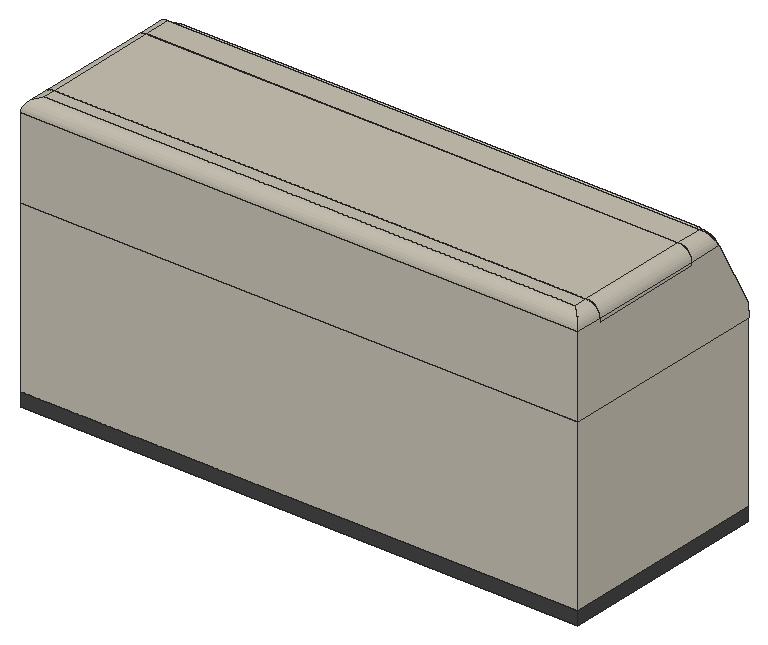
Revit family "Mechanical_Equipment-GE-Zoneline_PTAC-AirConditioner-AZ45", category Mechanical Equipment, host Face, Revit 2018
Family settings
  Host = Face
  Round Connector Dimension = Use Diameter
  Classification = None
  Part Type = Normal
  OmniClass Number = 23.75.70.21.24
  OmniClass Title = Air Terminal Units
  Cut with Voids When Loaded = No
  Shared = No
  Room Calculation Point = No
Parameters
  Width = 3' - 6"  # constant formula
  Warranty URL = "https://www.geappliances.com/ge/zoneline/warranty.htm"
  Wall Offset [instance] = 0' - 0"
  Voltage = 0 V
  Version = "2018 v.1.0a"  # constant formula
  URL = "https://www.geappliances.com/ge/zoneline.htm"
  Product Page URL = "https://www.geappliances.com/ge/zoneline.htm"
  Product Name = "GE Zoneline® Packaged Terminal Air Conditioner (PTAC)"  # constant formula
  Power Factor = 1
  Phase = 1
  Outside Grill Material = Plastic - GE - Black
  Number of Poles = 1
  Model = "Not a Type - Load Type Catalog"
  Manufacturer Phone Number = "1-800-626-2005"  # constant formula
  Manufacturer Email = ""
  Manufacturer Address = "106 Appliance Park - AP4 Room 106, Louisville, KY 40225"  # constant formula
  Manufacturer = "GE Appliances"  # constant formula
  Keynote = "23 30 00"
  Housing Material = Plastic - GE - Gray
  Height = 1' - 4"  # constant formula
  Frequency = 60 Hz
  Description = "Cooling and Electric Heat"  # constant formula
  Default Elevation = 4' - 0"
  Copyright = "Copyright © 2021 GE Appliances, a Haier company GE is a trademark of the General Electric Company. Manufactured under trademark license."  # constant formula
  Assembly Code = "D3040100"
  Apparent Load = 0 VA
Reference planes (in)
  plane 1 "Center (Front/Back)": y = 0
  plane 2: z = 0
  plane 3 "Center (Left/Right)": x = 0
  plane 4: x = -21
  plane 5: x = 21
  plane 6: y = 8
  plane 7: y = -8
  plane 8: z = 7.0625
  plane 9: z = -13.75
  plane 10: y = 4.65625
  plane 11: z = 1.03125
  plane 12: y = -6
  plane 13: y = 2.65625
  plane 14: z = 5.8125
  plane 15 "Wall Offset": z = 0
  plane 16: z = -12.75
Forms (in)
  Extrusion 1, solid, material "Plastic - GE - Gray" <- "Housing Material"
    sketch origin (0, 0, 0) x (1, 0, 0) y (0, 0, 1)
      loop
        arc (-20, 7.0625) -> (-20.70711, 6.76961) -> (-21, 6.0625) r 1
        line (-21, 6.0625) -> (-21, 0) -> (21, 0) -> (21, 6.0625)
        arc (21, 6.0625) -> (20.70711, 6.76961) -> (20, 7.0625) r 1
        line (20, 7.0625) -> (-20, 7.0625)
    from -8 to 8
  Extrusion 2, void
    sketch origin (0, 0, 0) x (0, 1, 0) y (0, 0, 1)
      loop
        line (4.65625, 10.47101) -> (4.65625, 7.0625) -> (8, 1.03125) -> (11.18211, 1.03125) -> (11.18211, 10.47101) -> (4.65625, 10.47101)
    from -25.3045 to 26.17737
  Extrusion 3, void
    sketch origin (0, 0, 0) x (0, 1, 0) y (0, 0, 1)
      loop
        line (-8.98656, 7.70959) -> (-8.98656, 6.0625) -> (-8, 6.0625)
        arc (-8, 6.0625) -> (-7.70711, 6.76961) -> (-7, 7.0625) r 1
        line (-7, 7.0625) -> (-7, 7.70959) -> (-8.98656, 7.70959)
    from -23.35478 to 32.8228
  Extrusion 4, solid, material "Plastic - GE - Gray" <- "Housing Material"
    sketch origin (0, 4.65625, 7.0625) x (0, 0.484873, -0.874584) y (-1, 0, 0)
      loop
        line (1.5, -20.5) -> (5.39613, -20.5)
        arc (5.39613, -20.5) -> (6.10324, -20.20711) -> (6.39613, -19.5) r 1
        line (6.39613, -19.5) -> (6.39613, 19.5)
        arc (6.39613, 19.5) -> (6.10324, 20.20711) -> (5.39613, 20.5) r 1
        line (5.39613, 20.5) -> (1.5, 20.5)
        arc (1.5, 20.5) -> (0.79289, 20.20711) -> (0.5, 19.5) r 1
        line (0.5, 19.5) -> (0.5, -19.5)
        arc (0.5, -19.5) -> (0.79289, -20.20711) -> (1.5, -20.5) r 1
    from 0 to 0.34289
  Extrusion 5, void
    sketch origin (0, 0, 0) x (1, 0, 0) y (0, 1, 0)
      loop
        line (-23.43851, 2.65625) -> (-23.43851, -6) -> (25.81619, -6) -> (25.81619, 2.65625) -> (-23.43851, 2.65625)
    from 5.8125 to 8.54486
  Extrusion 6, solid, material "Plastic - GE - Grill"
    sketch origin (0, 0, 0) x (1, 0, 0) y (0, 0, 1)
      loop
        line (21, 5.8125) -> (21, 6.0625)
        arc (21, 6.0625) -> (20.70711, 6.76961) -> (20, 7.0625) r 1
        line (20, 7.0625) -> (-20, 7.0625)
        arc (-20, 7.0625) -> (-20.70711, 6.76961) -> (-21, 6.0625) r 1
        line (-21, 6.0625) -> (-21, 5.8125) -> (21, 5.8125)
    from -2.65625 to 6
  Extrusion 7, solid, material "Plastic - GE - Gray" <- "Housing Material"
    sketch origin (0, 0, 0) x (1, 0, 0) y (0, 1, 0)
      loop
        line (-21, 8) -> (-21, -8) -> (21, -8) -> (21, 8) -> (-21, 8)
    from -12.75 to 0
  Extrusion 8, solid, material "Plastic - GE - Black" <- "Outside Grill Material"
    sketch origin (0, 0, 0) x (1, 0, 0) y (0, 1, 0)
      loop
        line (-21, 8) -> (-21, -8) -> (21, -8) -> (21, 8) -> (-21, 8)
      loop
        line (20, -7) -> (20, 7) -> (-20, 7) -> (-20, -7) -> (20, -7)
    from -13.75 to -12.75
  Extrusion 9, solid, material "Plastic - GE - Grill"
    sketch origin (0, 0, 0) x (1, 0, 0) y (0, 1, 0)
      loop
        line (-20, 7) -> (-20, -7) -> (20, -7) -> (20, 7) -> (-20, 7)
    from -13.75 to -12.75
Cuts and joins
  Extrusion 2, Extrusion 3, Extrusion 5 cuts Extrusion 1
Lines and regions (in)
  model lines
    curve 1: line (19.79935, 6.02534, 5.3002) -> (19.79935, 7.1163, 3.33239)
    curve 2: line (11.65785, 5.54046, 6.17479) -> (18.79935, 5.54046, 6.17479)
    curve 3: line (10.65785, 7.1163, 3.33239) -> (10.65785, 6.02534, 5.3002)
    curve 4: line (18.79935, 7.60118, 2.4578) -> (11.65785, 7.60118, 2.4578)
    curve 5: arc (18.79935, 5.54046, 6.17479) -> (19.50645, 5.68248, 5.91863) -> (19.79935, 6.02534, 5.3002) r 1
    curve 6: arc (11.65785, 5.54046, 6.17479) -> (10.95074, 5.68248, 5.91863) -> (10.65785, 6.02534, 5.3002) r 1
    curve 7: arc (11.65785, 7.60118, 2.4578) -> (10.95074, 7.45916, 2.71396) -> (10.65785, 7.1163, 3.33239) r 1
    curve 8: arc (18.79935, 7.60118, 2.4578) -> (19.50645, 7.45916, 2.71396) -> (19.79935, 7.1163, 3.33239) r 1
    curve 9: line (18.78731, 5.96383, 5.41114) -> (18.78731, 6.32749, 4.75521)
    curve 10: line (17.28731, 5.96383, 5.41114) -> (18.78731, 5.96383, 5.41114)
    curve 11: line (17.28731, 6.32749, 4.75521) -> (17.28731, 5.96383, 5.41114)
    curve 12: line (18.78731, 6.32749, 4.75521) -> (17.28731, 6.32749, 4.75521)
    curve 13: line (15.73071, 5.96383, 5.41114) -> (15.73071, 6.32749, 4.75521)
    curve 14: line (14.50316, 5.96383, 5.41114) -> (15.73071, 5.96383, 5.41114)
    curve 15: line (14.50316, 6.32749, 4.75521) -> (14.50316, 5.96383, 5.41114)
    curve 16: line (15.73071, 6.32749, 4.75521) -> (14.50316, 6.32749, 4.75521)
    curve 17: line (13.46049, 5.96383, 5.41114) -> (13.46049, 6.32749, 4.75521)
    curve 18: line (12.40785, 5.96383, 5.41114) -> (13.46049, 5.96383, 5.41114)
    curve 19: line (12.40785, 6.32749, 4.75521) -> (12.40785, 5.96383, 5.41114)
    curve 20: line (13.46049, 6.32749, 4.75521) -> (12.40785, 6.32749, 4.75521)
    curve 21: line (15.73071, 6.63027, 4.20906) -> (15.73071, 6.97425, 3.58861)
    curve 22: line (14.50316, 6.63027, 4.20906) -> (15.73071, 6.63027, 4.20906)
    curve 23: line (14.50316, 6.97425, 3.58861) -> (14.50316, 6.63027, 4.20906)
    curve 24: line (15.73071, 6.97425, 3.58861) -> (14.50316, 6.97425, 3.58861)
    curve 25: line (13.46049, 6.63027, 4.20906) -> (13.46049, 6.97425, 3.58861)
    curve 26: line (12.40785, 6.63027, 4.20906) -> (13.46049, 6.63027, 4.20906)
    curve 27: line (12.40785, 6.97425, 3.58861) -> (12.40785, 6.63027, 4.20906)
    curve 28: line (13.46049, 6.97425, 3.58861) -> (12.40785, 6.97425, 3.58861)
    curve 29: line (9.98671, 5.7829, 5.73749) -> (9.98671, 7.35874, 2.8951)
    curve 30: line (-18.88488, 5.54046, 6.17479) -> (9.48671, 5.54046, 6.17479)
    curve 31: line (-19.38488, 7.35874, 2.8951) -> (-19.38488, 5.7829, 5.73749)
    curve 32: line (9.48671, 7.60118, 2.4578) -> (-18.88488, 7.60118, 2.4578)
    curve 33: arc (-18.88488, 5.54046, 6.17479) -> (-19.23844, 5.61147, 6.04671) -> (-19.38488, 5.7829, 5.73749) r 0.5
    curve 34: arc (-19.38488, 7.35874, 2.8951) -> (-19.23844, 7.53017, 2.58588) -> (-18.88488, 7.60118, 2.4578) r 0.5
    curve 35: arc (9.48671, 7.60118, 2.4578) -> (9.84026, 7.53017, 2.58588) -> (9.98671, 7.35874, 2.8951) r 0.5
    curve 36: arc (9.98671, 5.7829, 5.73749) -> (9.84026, 5.61147, 6.04671) -> (9.48671, 5.54046, 6.17479) r 0.5
    curve 37: line (9.98671, 5.7829, 5.73749) -> (-19.38488, 5.7829, 5.73749)
    curve 38: line (9.98671, 5.90412, 5.51885) -> (-19.38488, 5.90412, 5.51885)
    curve 39: line (9.98671, 6.14656, 5.08156) -> (-19.38488, 6.14656, 5.08156)
    curve 40: line (9.98671, 6.26777, 4.86291) -> (-19.38488, 6.26777, 4.86291)
    curve 41: line (9.98671, 6.51021, 4.42562) -> (-19.38488, 6.51021, 4.42562)
    curve 42: line (9.98671, 6.63143, 4.20697) -> (-19.38488, 6.63143, 4.20697)
    curve 43: line (9.98671, 6.87387, 3.76968) -> (-19.38488, 6.87387, 3.76968)
    curve 44: line (9.98671, 6.99508, 3.55103) -> (-19.38488, 6.99508, 3.55103)
    curve 45: line (9.98671, 7.23752, 3.11374) -> (-19.38488, 7.23752, 3.11374)
    curve 46: line (9.98671, 7.35874, 2.8951) -> (-19.38488, 7.35874, 2.8951)
Dimensions and locks (in)
  equal spacing: plane 4, plane 3 "Center (Left/Right)", plane 5
  "Width": plane 4 to plane 5
  equal spacing: plane 7, plane 1 "Center (Front/Back)", plane 6
  "Height": plane 7 to plane 6
  locked: plane 10 to plane 6 at 3.34375
  locked: plane 11 to plane 8 at 6.03125
  Extrusion 3 sketch curve to plane 7 to Extrusion 3 sketch curve = 0' - 0.98656" locked, 0' - 1" locked
  Extrusion 3 sketch curve to plane 8 to Extrusion 3 sketch curve = 0' - 0.64709" locked, 0' - 1" locked
  locked: plane 7 to Extrusion 3 sketch curve at 1
  locked: plane 8 to Extrusion 3 sketch curve at 1
  locked: plane 4 to Extrusion 4 sketch curve at 0.5
  locked: Extrusion 4 sketch curve to plane 5 at 0.5
  locked: plane 7 to plane 12 at 2
  locked: plane 10 to plane 13 at 2
  locked: plane 8 to plane 14 at 1.25
  "Wall Offset": plane 15 "Wall Offset" to level
  plane 11 to plane 15 "Wall Offset" = 0' - 1 1/32"
  locked: plane 8 to plane 15 "Wall Offset" at 7.0625
  locked: plane 15 "Wall Offset" to plane 9 at 13.75
  locked: Extrusion 8 sketch curve to plane 5 at 1
  locked: plane 6 to Extrusion 8 sketch curve at 1
  locked: plane 7 to Extrusion 8 sketch curve at 1
  locked: plane 4 to Extrusion 8 sketch curve at 1
  locked: plane 16 to plane 9 at 1
  locked: Extrusion 9 sketch curve to plane 5 at 1
  locked: plane 6 to Extrusion 9 sketch curve at 1
  locked: plane 7 to Extrusion 9 sketch curve at 1
  locked: plane 4 to Extrusion 9 sketch curve at 1
  aligned and locked: plane 2 to host face
  aligned and locked: level to host face
  aligned and locked: plane 5 to Extrusion 1 sketch curve
  aligned and locked: plane 4 to Extrusion 1 sketch curve
  aligned and locked: Extrusion 1 sketch curve to plane 8
  aligned and locked: plane 10 to Extrusion 2 sketch curve
  aligned and locked: Extrusion 2 sketch curve to plane 11
  aligned and locked: Extrusion 5 sketch curve to plane 13
  aligned and locked: plane 12 to Extrusion 5 sketch curve
  aligned and locked: Extrusion 5 to plane 14
  aligned and locked: Extrusion 6 sketch curve to plane 14
  aligned and locked: Extrusion 6 sketch curve to plane 4
  aligned and locked: plane 8 to Extrusion 6 sketch curve
  aligned and locked: Extrusion 6 sketch curve to plane 5
  aligned and locked: Extrusion 6 to plane 12
  aligned and locked: plane 13 to Extrusion 6
  aligned and locked: plane 5 to Extrusion 7 sketch curve
  aligned and locked: Extrusion 7 sketch curve to plane 6
  aligned and locked: plane 4 to Extrusion 7 sketch curve
  aligned and locked: Extrusion 7 sketch curve to plane 7
  aligned and locked: Extrusion 1 to plane 15 "Wall Offset"
  aligned and locked: plane 15 "Wall Offset" to Extrusion 7
  aligned and locked: plane 5 to Extrusion 8 sketch curve
  aligned and locked: Extrusion 8 sketch curve to plane 6
  aligned and locked: plane 4 to Extrusion 8 sketch curve
  aligned and locked: Extrusion 8 sketch curve to plane 7
  aligned and locked: plane 16 to Extrusion 8
  aligned and locked: Extrusion 8 to plane 9
  aligned and locked: Extrusion 7 to plane 16
  aligned and locked: plane 16 to Extrusion 9
  aligned and locked: Extrusion 9 to plane 9
Automatic sketch dimensions
  host sketch curve to host sketch curve = 8' - 0"  (x2)
  plane 4 to Extrusion 1 sketch curve = 0' - 1"
  plane 5 to Extrusion 1 sketch curve = 0' - 1"
  Extrusion 3 sketch curve to plane 8 = 0' - 0"
  Extrusion 2 sketch curve to plane 6 = 0' - 0"
  Extrusion 2 sketch curve to plane 8 = 0' - 0"
  plane 6 to Extrusion 2 sketch curve = 0' - 3.18211"
  plane 8 to Extrusion 2 sketch curve = 0' - 3.40851"
  Extrusion 2 to Extrusion 4 sketch curve = 0' - 0 1/2"
  Extrusion 4 sketch curve to Extrusion 4 sketch curve = 0' - 1"  (x2)
  Extrusion 4 sketch curve to Extrusion 2 = 0' - 1 1/2"  (x2)
  Extrusion 4 sketch curve to Extrusion 2 = 0' - 0 1/2"
  Extrusion 5 sketch curve to plane 4 = 0' - 2.43851"
  Extrusion 5 sketch curve to plane 5 = 0' - 4.81619"
  plane 4 to Extrusion 6 sketch curve = 0' - 1"
  plane 14 to Extrusion 6 sketch curve = 0' - 0 1/4"
  level to Extrusion 1 sketch curve = 0' - 0"
  curve 30 to Extrusion 4 = 0' - 0.70511"
  curve 2 to Extrusion 4 = 0' - 0.70511"
  curve 36 to curve 36 = 0' - 0 1/2"
  curve 6 to curve 19 = 0' - 0.87315"
  curve 17 to curve 15 = 0' - 0"
  curve 5 to curve 9 = 0' - 0.87315"
  curve 9 to curve 5 = 0' - 0.12685"
  curve 18 to curve 6 = 0' - 0.12685"
  curve 13 to curve 16 = 0' - 0 3/4"
  curve 17 to curve 20 = 0' - 0 3/4"
  curve 10 to curve 12 = 0' - 0 3/4"
  curve 19 to curve 26 = 0' - 0.62446"
  curve 13 to curve 21 = 0' - 0.62446"
  curve 21 to curve 21 = 0' - 0.70943"
  curve 25 to curve 25 = 0' - 0.70943"
  curve 9 to curve 8 = 0' - 1.62685"
  curve 27 to curve 3 = 0' - 0 75/256"
  curve 7 to curve 29 = 0' - 0 1/2"
  curve 4 to Extrusion 4 = 0' - 0.94102"
  curve 35 to curve 32 = 0' - 0 1/2"
  curve 1 to Extrusion 4 = 0' - 0.70065"
  curve 5 to curve 12 = 0' - 0.01204"
  curve 9 to curve 12 = 0' - 1 1/2"
  curve 10 to curve 14 = 0' - 1.5566"
  curve 21 to curve 13 = 0' - 0"
  curve 21 to curve 23 = 0' - 1.22755"
  curve 13 to curve 14 = 0' - 1.22755"
  curve 22 to curve 26 = 0' - 1.04267"
  curve 14 to curve 17 = 0' - 1.04267"
  curve 17 to curve 20 = 0' - 1.05264"
  curve 26 to curve 19 = 0' - 0"
  curve 18 to curve 2 = 0' - 0 3/4"
  curve 3 to curve 29 = 0' - 0.67114"
  curve 30 to Extrusion 4 = 0' - 1.61512"
  curve 33 to curve 38 = 0' - 0 1/4"
  curve 38 to curve 39 = 0' - 0 1/2"
  curve 39 to curve 40 = 0' - 0 1/4"
  curve 40 to curve 41 = 0' - 0 1/2"
  curve 41 to curve 42 = 0' - 0 1/4"
  curve 42 to curve 43 = 0' - 0 1/2"
  curve 43 to curve 44 = 0' - 0 1/4"
  curve 45 to curve 29 = 0' - 0 1/4"
Connectors (in)
  electrical at (0, -8, 3.03125), driven by "Voltage", driven by "Apparent Load", driven by "Power Factor"
    settings: on cut or joined group of Extrusion 1, Extrusion 2, Extrusion 3, Extrusion 5, index 1, voltage 0 V, apparent load 0 VA, apparent load phase1 0 VA, apparent load phase2 0 VA, apparent load phase3 0 VA, power factor 1, load classification "HVAC", number of poles 1, system type 31, power factor state 1, is connector primary yes, connector utility no, sub classification motor no, connector description "Power Connector"
Types in the file's own list only (28): name | Voltage | Product Page URL | Power Factor | Model
  AZ45E07DAB - 208V Base Unit 7k Load | 208 V | "http://products.geappliances.com/appliance/gea-specs/AZ45E07DAB" | 0.9 | "AZ45E07DAB"
  AZ45E07DAB - 230V Base Unit 7k Load | 230 V | "http://products.geappliances.com/appliance/gea-specs/AZ45E07DAB" | 0.9 | "AZ45E07DAB"
  AZ45E07DAC - 208V Corrosion Prot 7k Load | 208 V | "http://products.geappliances.com/appliance/gea-specs/AZ45E07DAC" | 0.96 | "AZ45E07DAC"
  AZ45E07DAC - 230V Corrosion Prot 7k Load | 230 V | "http://products.geappliances.com/appliance/gea-specs/AZ45E07DAC" | 0.98 | "AZ45E07DAC"
  AZ45E07DAP - 208V Dry Air 7k Load | 208 V | "http://products.geappliances.com/appliance/gea-specs/AZ45E07DAP" | 0.96 | "AZ45E07DAP"
  AZ45E07DAP - 230V Dry Air 7k Load | 230 V | "http://products.geappliances.com/appliance/gea-specs/AZ45E07DAP" | 0.94 | "AZ45E07DAP"
  AZ45E07EAC - 265V Corrosion Prot 7k Load | 265 V | "http://products.geappliances.com/appliance/gea-specs/AZ45E07EAC" | 0.95 | "AZ45E07EAC"
  AZ45E09DAB - 208V Base Unit 9k Load | 208 V | "http://products.geappliances.com/appliance/gea-specs/AZ45E09DAB" | 0.96 | "AZ45E09DAB"
  AZ45E09DAB - 230V Base Unit 9k Load | 230 V | "http://products.geappliances.com/appliance/gea-specs/AZ45E09DAB" | 0.98 | "AZ45E09DAB"
  AZ45E09DAC - 208V Corrosion Prot 9k Load | 208 V | "http://products.geappliances.com/appliance/gea-specs/AZ45E09DAC" | 0.98 | "AZ45E09DAC"
  AZ45E09DAC - 230V Corrosion Prot 9k Load | 230 V | "http://products.geappliances.com/appliance/gea-specs/AZ45E09DAC" | 0.98 | "AZ45E09DAC"
  AZ45E09DAP - 208V Dry Air 9k Load | 208 V | "http://products.geappliances.com/appliance/gea-specs/AZ45E09DAP" | 0.97 | "AZ45E09DAP"
  AZ45E09DAP - 230V Dry Air 9k Load | 230 V | "http://products.geappliances.com/appliance/gea-specs/AZ45E09DAP" | 0.97 | "AZ45E09DAP"
  AZ45E09EAC - 265V Corrosion Prot 9k Load | 265 V | "http://products.geappliances.com/appliance/gea-specs/AZ45E09EAC" | 0.94 | "AZ45E09EAC"
  AZ45E09EAP - 265V Dry Air 9k Load | 265 V | "http://products.geappliances.com/appliance/gea-specs/AZ45E09EAP" | 0.93 | "AZ45E09EAP"
  AZ45E12DAB - 208V Base Unit 12k Load | 208 V | "http://products.geappliances.com/appliance/gea-specs/AZ45E12DAB" | 0.98 | "AZ45E12DAB"
  AZ45E12DAB - 230V Base Unit 12k Load | 230 V | "http://products.geappliances.com/appliance/gea-specs/AZ45E12DAB" | 0.96 | "AZ45E12DAB"
  AZ45E12DAC - 208V Corrosion Prot 12k Load | 208 V | "http://products.geappliances.com/appliance/gea-specs/AZ45E12DAC" | 0.98 | "AZ45E12DAC"
  AZ45E12DAC - 230V Corrosion Prot 12k Load | 230 V | "http://products.geappliances.com/appliance/gea-specs/AZ45E12DAC" | 0.96 | "AZ45E12DAC"
  AZ45E12DAP - 208V Dry Air 12k Load | 208 V | "http://products.geappliances.com/appliance/gea-specs/AZ45E12DAP" | 0.98 | "AZ45E12DAP"
  AZ45E12DAP - 230V Dry Air 12k Load | 230 V | "http://products.geappliances.com/appliance/gea-specs/AZ45E12DAP" | 0.98 | "AZ45E12DAP"
  AZ45E12EAC - 265V Corrosion Prot 12k Load | 265 V | "http://products.geappliances.com/appliance/gea-specs/AZ45E12EAC" | 0.97 | "AZ45E12EAC"
  AZ45E12EAP - 265V Dry Air 12k Load | 265 V | "http://products.geappliances.com/appliance/gea-specs/AZ45E12EAP" | 0.97 | "AZ45E12EAP"
  AZ45E15DAB - 208V Base Unit 15k Load | 208 V | "http://products.geappliances.com/appliance/gea-specs/AZ45E15DAB" | 0.97 | "AZ45E15DAB"
  AZ45E15DAB - 230V Base Unit 15k Load | 230 V | "http://products.geappliances.com/appliance/gea-specs/AZ45E15DAB" | 0.97 | "AZ45E15DAB"
  AZ45E15DAC - 208V Corrosion Prot 15k Load | 208 V | "http://products.geappliances.com/appliance/gea-specs/AZ45E15DAC" | 0.97 | "AZ45E15DAC"
  AZ45E15DAC - 230V Corrosion Prot 15k Load | 230 V | "http://products.geappliances.com/appliance/gea-specs/AZ45E15DAC" | 0.97 | "AZ45E15DAC"
  AZ45E15EAC - 265V Corrosion Prot 15k Load | 265 V | "http://products.geappliances.com/appliance/gea-specs/AZ45E12EAC" | 0.98 | "AZ45E15EAC"
